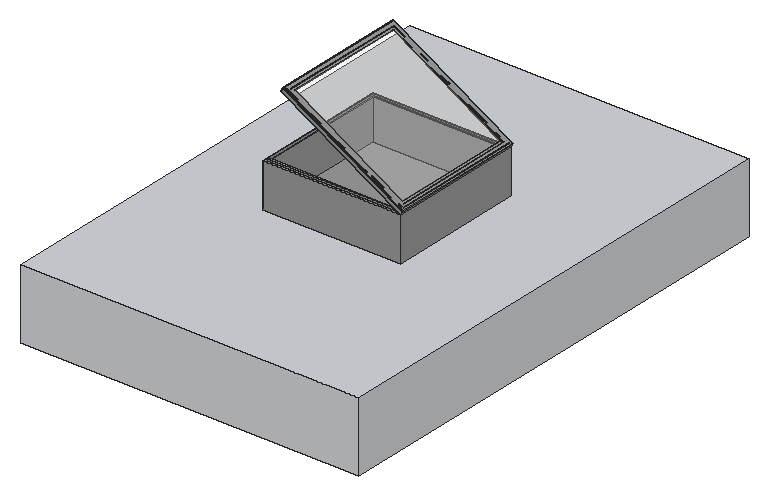
Revit family "Hager-Orion_Inox-IP66-D210-Cl.I-Inox_encl-630A-600mm-CH-it", category Equipement électrique, Revit 2020
Family settings
  Hôte = Face
  Configuration du panneau = Deux colonnes, circuits au sein
  Cote de connecteur circulaire = Utiliser le diamètre
  Type d'élément = Tableau de raccordement
  Couper avec des vides une fois chargée = Non
  Partagée = Non
  Point de calcul de pièce = Non
Parameters (values of type "A parete IP66 L600 A600 P210  - FL028TWL")
  Width Control [instance] = if([EF000008 - Larghezza] > Min Width, [EF000008 - Larghezza], Min Width)  # 600 mm
  Commentaires du type = [HG000003 - Gamma]  # "Orion Inox"
  Thickness Door [instance] = if([EF009171 - spessore materiale porta/coperchio] > 3 mm, 3 mm, [EF009171 - spessore materiale porta/coperchio])  # 1.5 mm
  Seal Frame Offset [instance] = 17 mm  # constant formula
  Model = ""
  Min Width [instance] = 100 mm  # constant formula
  Min Height [instance] = 100 mm  # constant formula
  Min Depth [instance] = (2 * [EF009170 - spessore materiale scatola]) + 1 mm  # 4 mm
  Internal Frame Depth [instance] = (Door System Depth * 0.5)  # 9 mm
  Height Control [instance] = if([EF000040 - Altezza] > Min Height, [EF000040 - Altezza], Min Height)  # 600 mm
  HG000027 - Altezza dello zoccolo = 0 mm
  HG000026 - A pavimento = no
  HG000024 - Altezza della sezione inferiore = 800 mm
  HG000023 - Custodia a doppia sezione = no
  HG000016 - Visibilità delle porte nella vista 3D [instance] = yes
  HG000015 - Visibilità attraverso la porta [instance] = no
  HG000014 - Porta destra [instance] = yes
  HG000013 - Porta sinistra [instance] = not([HG000014 - Porta destra])  # no
  HG000012 - Angolo di apertura della porta [instance] = 30.00°
  HG000010 - Porte asimmetriche = no
  HG000009 - Porta doppia a battente = no
  HG000006 - Ad incasso = no
  HG000004 - Codice produttore = "FL028TWL"
  HG000003 - Gamma = "Orion Inox"
  HG000002 - Con porta = yes
  Frame Offset Bottom [instance] = 10 mm  # constant formula
  Frame Offset [instance] = 15 mm  # constant formula
  EF015940 - Coprire con rilascio di sovrapressione = no
  EF011959 - tipo di protezione (NEMA) = ""
  EF009554 - numero delle aperture per la piastra della flangia = 0
  Fabricant = "Hager"  # constant formula
  EF009212 - esecuzione coperchio = "EV000116 - chiuso"
  EF009171 - spessore materiale porta/coperchio = 1.5 mm
  EF009170 - spessore materiale scatola = 1.5 mm
  EF008873 - corrente nominale (In) = 630 A
  EF007800 - adatto per parafulmine = no
  EF006306 - con serratura = yes
  EF006244 - coperchio/porta trasparente = yes
  EF005474 - grado di protezione (IP) = "EV006422 - IP66"
  EF004464 - tipo di porta = "EV002646 - singolo"
  EF004427 - numero di moduli = 0
  EF004293 - resistenza agli urti = "EV006814 - IK08"
  EF003532 - adatto per uso esterno = yes
  EF002950 - Numero moduli DIN = 0
  EF001613 - Integrità del circuito = "EV000494 - senza"
  EF001596 - Attacco Lampada = "EV000166 - acciaio inossidabile"
  EF001131 - profondità interna = 176 mm
  EF001088 - possibilità di applicazione = yes
  EF000437 - numero di ingressi per conduttori = 0
  EF000339 - tipo di copertura = "EV004216 - porta"
  EF000266 - numero di file = 0
  EF000218 - profondità di incasso = 0 mm
  EF000118 - con piastra di montaggio = no
  EF000116 - numero RAL = ""
  EF000049 - profondità = 210 mm
  EF000040 - Altezza = 600 mm
  EF000008 - Larghezza = 600 mm
  EF000007 - colore = "EV000154 - altri"
  EF000003 - Tipo di montaggio = "EV000384 - A parete"
  Door System Leaf Tolerance [instance] = 1.5 mm  # constant formula
  Door System Depth [instance] = 18 mm  # constant formula
  Depth Control [instance] = if([EF000049 - profondità] > Min Depth, [EF000049 - profondità], Min Depth)  # 210 mm
  Default Elevation = 0 mm
Types (12, lengths in mm): name | Width Control | HG000004 - Codice produttore | EF009212 - esecuzione coperchio | EF006306 - con serratura | EF006244 - coperchio/porta trasparente | EF004293 - resistenza agli urti | EF001613 - Integrità del circuito | EF000008 - Larghezza
  A parete IP66 L400 A600 P210  - FL025BWL | 400 | "FL025BWL" | "EV009916 - con taglio" | no | no | "EV008784 - IK10" | "" | 400
  A parete IP66 L400 A600 P210  - FL025TW | 400 | "FL025TW" | "EV000116 - chiuso" | yes | yes | "EV006814 - IK08" | "EV000494 - senza" | 400
  A parete IP66 L400 A600 P210  - FL025TWL | 400 | "FL025TWL" | "EV000116 - chiuso" | yes | yes | "EV006814 - IK08" | "EV000494 - senza" | 400
  A parete IP66 L500 A600 P210  - FL027BW | 500 | "FL027BW" | "EV000116 - chiuso" | yes | no | "EV008784 - IK10" | "EV000494 - senza" | 500
  A parete IP66 L500 A600 P210  - FL027BWL | 500 | "FL027BWL" | "EV000116 - chiuso" | yes | no | "EV008784 - IK10" | "EV000494 - senza" | 500
  A parete IP66 L500 A600 P210  - FL027TW | 500 | "FL027TW" | "EV000116 - chiuso" | yes | yes | "EV006814 - IK08" | "EV000494 - senza" | 500
  A parete IP66 L500 A600 P210  - FL027TWL | 500 | "FL027TWL" | "EV000116 - chiuso" | yes | yes | "EV006814 - IK08" | "EV000494 - senza" | 500
  A parete IP66 L600 A600 P210  - FL025BW | 600 | "FL025BW" | "EV009916 - con taglio" | no | no | "EV008784 - IK10" | "" | 600
  A parete IP66 L600 A600 P210  - FL028BW | 600 | "FL028BW" | "EV000116 - chiuso" | yes | no | "EV008784 - IK10" | "EV000494 - senza" | 600
  A parete IP66 L600 A600 P210  - FL028BWL | 600 | "FL028BWL" | "EV000116 - chiuso" | yes | no | "EV008784 - IK10" | "EV000494 - senza" | 600
  A parete IP66 L600 A600 P210  - FL028TW | 600 | "FL028TW" | "EV000116 - chiuso" | yes | yes | "EV006814 - IK08" | "EV000494 - senza" | 600
  A parete IP66 L600 A600 P210  - FL028TWL | 600 | "FL028TWL" | "EV000116 - chiuso" | yes | yes | "EV006814 - IK08" | "EV000494 - senza" | 600
Reference planes
  plane 1 "Center (Front/Back)": y = 0
  plane 2: z = 0
  plane 3 "Center (Left/Right)": x = 0
  plane 4: z = 210
  plane 5: y = 1.5
  plane 6: y = 300
  plane 7: y = 0
  plane 8: y = 600
  plane 9: z = 0
  plane 10: x = -285
  plane 11: x = 285
  plane 12: x = 283.5
  plane 13: x = -283.5
  plane 14: y = 598.5
  plane 15: x = -283
  plane 16: x = -300
  plane 17: x = 283
  plane 18: x = 300
  plane 19: x = 298.5
  plane 20: x = -298.5
  plane 21: y = 11.5
  plane 22: y = 600
  plane 23: y = 583.5
  plane 24: z = 192
  plane 25: z = 1.5
  plane 26: z = 190.5
  plane 27: z = 208.5
Forms (mm)
  Extrusion 1, solid
    sketch origin (0, 0, 0) x (1, 0, 0) y (0, 1, 0)
      loop
        line (-702.964, 1305) -> (-702.964, -811.445) -> (766.763, -811.445) -> (766.763, 1305) -> (-702.964, 1305)
    from 0 to -304.8
  Extrusion 2, solid, material "Hager_Stainless_Steel", detail levels medium+fine
    sketch origin (0, 0, 0) x (1, 0, 0) y (0, 1, 0)
      loop
        line (-300, 0) -> (300, 0) -> (300, 600) -> (-300, 600) -> (-300, 0)
    from 0 to 192
  Extrusion 3, solid, material "Hager_Steel_RAL 7035_Light_Grey", not visible, detail levels medium+fine
    sketch origin (0, 28.16, 50.802) x (0, 1, 0) y (0, 0, 1)
      loop
        line (323.34, -50.802) -> (323.34, 147.698)
        arc (323.34, 147.698) -> (320.411, 154.769) -> (313.34, 157.698) r 10
        line (313.34, 157.698) -> (283.34, 157.698) -> (283.34, -50.802) -> (323.34, -50.802)
    from -298.5 to 298.5
  Extrusion 4, void
    sketch origin (0, 0, 0) x (1, 0, 0) y (0, 1, 0)
      loop
        line (-298.5, 1.5) -> (298.5, 1.5) -> (298.5, 598.5) -> (-298.5, 598.5) -> (-298.5, 1.5)
    from 1.5 to 190.5
  Extrusion 5, void
    sketch origin (-381.607, -4572, 192) x (0, -1, 0) y (-1, 0, 0)
      loop
        line (-4583.5, -98.107) -> (-5155.5, -98.107) -> (-5155.5, -665.107) -> (-4583.5, -665.107) -> (-4583.5, -98.107)
    from 0 to 1.5 <- "EF009170 - spessore materiale scatola"
  Extrusion 6, solid, material "Hager_Stainless_Steel", detail levels fine
    sketch origin (-381.607, -4572, 192) x (-1, 0, 0) y (0, -1, 0)
      loop
        line (-98.107, -4583.5) -> (-665.107, -4583.5) -> (-665.107, -5155.5) -> (-98.107, -5155.5) -> (-98.107, -4583.5)
      loop
        line (-97.107, -4582) -> (-666.107, -4582) -> (-666.107, -5157) -> (-97.107, -5157) -> (-97.107, -4582)
    from 0 to 9 <- "Internal Frame Depth"
  Extrusion 7, solid, material "Hager_Stainless_Steel", detail levels coarse
    sketch origin (0, 0, 0) x (1, 0, 0) y (0, 1, 0)
      loop
        line (-300, 0) -> (300, 0) -> (300, 600) -> (-300, 600) -> (-300, 0)
    from 0 to 210
Cuts and joins
  Extrusion 4, Extrusion 5 cuts Extrusion 2
Lines and regions (mm)
  Masking region 1
    outline origin (0, 0, 0) x (1, 0, 0) y (0, 0, 1)
      loop
        line (-300, 210) -> (-300, 0) -> (300, 0) -> (300, 210) -> (-300, 210)
  Masking region 2, detail levels medium+fine
    outline origin (0, 140, 0) x (0, 1, 0) y (0, 0, 1)
      loop
        line (-140, 0) -> (460, 0) -> (460, 192) -> (-140, 192) -> (-140, 0)
  Masking region 3, not visible, detail levels medium+fine
    outline origin (0, 297.922, 0) x (0, 1, 0) y (0, 0, 1)
      loop
        line (13.578, 0) -> (53.578, 0) -> (53.578, 198.5)
        arc (53.578, 198.5) -> (50.649, 205.571) -> (43.578, 208.5) r 10
        line (43.578, 208.5) -> (13.578, 208.5) -> (13.578, 0)
  Masking region 4, detail levels coarse
    outline origin (0, 0, 180) x (0, 1, 0) y (0, 0, 1)
      loop
        line (0, -180) -> (600, -180) -> (600, 30) -> (0, 30) -> (0, -180)
  Masking region 5
    outline origin (-381.607, -4572, 192) x (-1, 0, 0) y (0, -1, 0)
      loop
        line (-81.607, -5172) -> (-81.607, -4572) -> (-681.607, -4572) -> (-681.607, -5172) -> (-81.607, -5172)
Dimensions and locks
  "Depth Control": plane 4 to Extrusion 1
  "EF009170 - spessore materiale scatola": plane 5 to plane 7
  locked: connector elem to plane 3 "Center (Left/Right)"
  equal spacing: plane 8, plane 6, plane 7
  locked: connector elem to plane 6
  "EF009170 - spessore materiale scatola": plane 8 to plane 14
  "EF009170 - spessore materiale scatola": plane 10 to plane 13
  "EF009170 - spessore materiale scatola": plane 12 to plane 11
  "Frame Offset": plane 20 to plane 13
  "Frame Offset": plane 12 to plane 19
  "EF009170 - spessore materiale scatola": plane 16 to plane 20
  "EF009170 - spessore materiale scatola": plane 19 to plane 18
  "Seal Frame Offset": plane 16 to plane 15
  "Seal Frame Offset": plane 17 to plane 18
  "Frame Offset Bottom": plane 21 to plane 5
  "Frame Offset": plane 14 to plane 23
  equal spacing: plane 16, plane 3 "Center (Left/Right)", plane 18
  "Width Control": plane 16 to plane 18
  "EF009170 - spessore materiale scatola": plane 4 to plane 27
  "EF009170 - spessore materiale scatola": plane 24 to plane 26
  "EF009170 - spessore materiale scatola": plane 25 to level
  "Door System Depth": plane 4 to plane 24
  "Height Control": plane 1 "Center (Front/Back)" to Extrusion 7 sketch curve
  "Height Control": Masking region 4 sketch curve to plane 1 "Center (Front/Back)"
  "Thickness Door": Extrusion 6 sketch curve to plane 15
  "Thickness Door": plane 21 to Extrusion 6 sketch curve
  "Thickness Door": plane 17 to Extrusion 6 sketch curve
  "Thickness Door": Extrusion 6 sketch curve to plane 23
  "Height Control": plane 1 "Center (Front/Back)" to plane 22
  radius of Masking region 3 sketch curve = 10 mm
  radius of Extrusion 3 sketch curve = 10 mm
  aligned and locked: plane 2 to Extrusion 1
  aligned and locked: level to Extrusion 1
  aligned and locked: level to Masking region 1 sketch curve
  aligned and locked: Masking region 1 sketch curve to plane 18
  aligned and locked: Masking region 1 sketch curve to plane 16
  aligned and locked: plane 7 to Masking region 2 sketch curve
  aligned and locked: level to Masking region 3 sketch curve
  aligned and locked: Masking region 3 sketch curve to plane 27
  aligned and locked: level to Masking region 2 sketch curve
  aligned and locked: Extrusion 2 sketch curve to plane 7
  aligned and locked: plane 16 to Extrusion 2 sketch curve
  aligned and locked: plane 18 to Extrusion 2 sketch curve
  aligned and locked: Extrusion 3 sketch curve to level
  aligned and locked: plane 27 to Extrusion 3 sketch curve
  aligned and locked: plane 20 to Extrusion 3
  aligned and locked: plane 19 to Extrusion 3
  aligned and locked: plane 20 to Extrusion 4 sketch curve
  aligned and locked: plane 19 to Extrusion 4 sketch curve
  aligned and locked: Extrusion 4 sketch curve to plane 5
  aligned and locked: Extrusion 4 to plane 25
  aligned and locked: plane 26 to Extrusion 4
  aligned and locked: plane 24 to Extrusion 2
  aligned and locked: Extrusion 5 sketch curve to plane 21
  aligned and locked: Extrusion 5 sketch curve to plane 13
  aligned and locked: Extrusion 5 sketch curve to plane 12
  aligned and locked: plane 18 to Extrusion 7 sketch curve
  aligned and locked: plane 1 "Center (Front/Back)" to Extrusion 7 sketch curve
  aligned and locked: plane 16 to Extrusion 7 sketch curve
  aligned and locked: plane 4 to Extrusion 7
  aligned and locked: Extrusion 7 to level
  aligned and locked: level to Masking region 4 sketch curve
  aligned and locked: Masking region 4 sketch curve to plane 1 "Center (Front/Back)"
  aligned and locked: Masking region 4 sketch curve to plane 4
  aligned and locked: nested 1 to level
  aligned and locked: nested 1 to plane 16
  aligned and locked: plane 8 to Extrusion 2 sketch curve
  aligned and locked: plane 23 to Extrusion 5 sketch curve
  aligned and locked: plane 14 to Extrusion 4 sketch curve
  aligned and locked: Extrusion 6 sketch curve to plane 21
  aligned and locked: plane 13 to Extrusion 6 sketch curve
  aligned and locked: plane 23 to Extrusion 6 sketch curve
  aligned and locked: plane 12 to Extrusion 6 sketch curve
  aligned and locked: Masking region 2 sketch curve to plane 8
  aligned and locked: Masking region 2 sketch curve to plane 24
  aligned and locked: nested 2 to plane 3 "Center (Left/Right)"
  aligned and locked: nested 2 to plane 24
  aligned and locked: Masking region 5 sketch curve to plane 1 "Center (Front/Back)"
  aligned and locked: Masking region 5 sketch curve to plane 18
  aligned and locked: Masking region 5 sketch curve to plane 22
  aligned and locked: Masking region 5 sketch curve to plane 16
  aligned and locked: plane 8 to plane 22
  aligned and locked: plane 7 to plane 1 "Center (Front/Back)"
  aligned and locked: nested 2 to plane 1 "Center (Front/Back)"
Automatic sketch dimensions
  Extrusion 1 sketch curve to Extrusion 1 sketch curve = 1469.727 mm
  Extrusion 1 sketch curve to Extrusion 1 sketch curve = 2116.445 mm
  plane 6 to Masking region 3 sketch curve = 11.5 mm
  Masking region 3 sketch curve to Masking region 3 sketch curve = 30 mm
  plane 6 to Extrusion 3 sketch curve = 11.5 mm
  Extrusion 3 sketch curve to Extrusion 3 sketch curve = 30 mm
  Masking region 1 sketch curve to plane 4 = 0 mm
Nested families
  nested 1: "Hager_Enclosure_Symbol" at (-300, 0, 0) x (1, 0, 0) z (0, -1, 0), Height <- "Depth Control", Width <- "Width Control", type "Hager_Enclosure_Symbol"
    with Width_Ctrl 600 mm, Width 600 mm, Height_Ctrl 210 mm, Height 210 mm, A_Width_Int 13.781 mm, A_Width 165.375 mm, A_Height_Ctrl 183.75 mm, A_Height 183.75 mm
  nested 2: "EC000058_OrionInox_Door" at (0, 600, 192) x (1, 0, 0) z (0, -1, 0), Leaf_Tolerance <- "Door System Leaf Tolerance", Angle <- "HG000012 - Angolo di apertura della porta", Door_Depth <- "Door System Depth", Door_Left <- "HG000013 - Porta sinistra", Transparent <- "EF006244 - coperchio/porta trasparente", Assymetrical <- "HG000010 - Porte asimmetriche", Width <- "Width Control", Clearance <- "HG000015 - Visibilità attraverso la porta", Double <- "HG000009 - Porta doppia a battente", 3d_Door <- "HG000016 - Visibilità delle porte nella vista 3D", Width_Ctrl <- "Width Control", Door_Right <- "HG000014 - Porta destra", Door <- "HG000002 - Con porta", Height <- "Height Control", Thickness <- "Thickness Door", type "EC000058_OrionInox_Door", detail levels medium+fine
    with min_wh 4 mm, Width_Ctrl 600 mm, Width 600 mm, Transparent yes, Thickness 1.5 mm, Seal_Material Hager_Rubber, Leaf_Width 600 mm, Leaf_Tolerance_External_Sides 0 mm, Leaf_Tolerance 1.5 mm, Leaf_Offset 0 mm, Leaf_Height 597 mm, Leaf_2_Width 600 mm, Leaf_2_Offset 300 mm, Leaf_1_Width 600 mm, Leaf_1_Offset 300 mm, Height_Ctrl 600 mm, Height 600 mm, Glass_Material Hager_Glass, Double_Clearance_Ctrl no, Double no, Door_Right_Ctrl yes, Door_Right yes, Door_Material Hager_Stainless_Steel, Door_Left_Ctrl no, Door_Left no, Door_Depth 18 mm, Door yes, Clearance_Material Hager_Clearance, Clearance_Depth 600 mm, Clearance_Ctrl no, Clearance no, Assymetrical no, Angle 30.00°, 3d_Door yes
Connectors
  electrical at (0, 300, 0)
    settings: on plane 9, index 1, voltage 0 V, apparent load 0 VA, apparent load phase1 0 VA, apparent load phase2 0 VA, apparent load phase3 0 VA, power factor 1, load classification "Other", number of poles 1, system type 30, power factor state 1, is connector primary yes, connector utility no, sub classification motor no, connector description ""
Definition of nested family "EC000058_OrionInox_Door"
  Parameters (values of type "EC000058_OrionInox_Door")
    min_wh [instance] = (2 * Thickness) + 1 mm  # 11 mm
    Width_Ctrl [instance] = 400 mm
    Width [instance] = 500 mm
    Transparent [instance] = yes
    Thickness [instance] = 5 mm
    Seal_Material [instance] = none
    Leaf_Width [instance] = if((Width_Ctrl - 2 * Leaf_Tolerance_External_Sides) > 0 mm, (Width_Ctrl - 2 * Leaf_Tolerance_External_Sides), min_wh)  # 400 mm
    Leaf_Tolerance_External_Sides [instance] = 0 mm  # constant formula
    Leaf_Tolerance [instance] = 1.5 mm
    Leaf_Offset [instance] = 0 mm  # constant formula
    Leaf_Height [instance] = if((Height_Ctrl - 2 * Leaf_Tolerance) > 0 mm, (Height_Ctrl - 2 * Leaf_Tolerance), min_wh)  # 497 mm
    Leaf_2_Width [instance] = if(and(and(Double, Assymetrical), Door_Left), (Leaf_Width / 3) - (Leaf_Tolerance / 2), if(and(and(Double, Assymetrical), Door_Right), (Leaf_Width / 3) * 2 - (Leaf_Tolerance / 2), if(and(Double, not(Assymetrical)), (Leaf_Width / 2) - Leaf_Tolerance, Leaf_Width)))  # 400 mm
    Leaf_2_Offset [instance] = if(and(Double, Assymetrical), Leaf_2_Width / 2, if(and(Double, not(Assymetrical)), Leaf_Width / 4, Leaf_Width / 2))  # 200 mm
    Leaf_1_Width [instance] = if(and(and(Double, Assymetrical), Door_Right), (Leaf_Width / 3) - (Leaf_Tolerance / 2), if(and(and(Double, Assymetrical), Door_Left), (Width / 3) * 2 - (Leaf_Tolerance / 2), if(and(Double, not(Assymetrical)), (Leaf_Width / 2) - Leaf_Tolerance, Leaf_Width)))  # 400 mm
    Leaf_1_Offset [instance] = if(and(Double, Assymetrical), Leaf_1_Width / 2, if(and(Double, not(Assymetrical)), Leaf_Width / 4, Leaf_Width / 2))  # 200 mm
    Height_Ctrl [instance] = if(Height > min_wh, Height, min_wh)  # 500 mm
    Height [instance] = 500 mm
    Glass_Material [instance] = none
    Double_Clearance_Ctrl [instance] = and(Double, Clearance)  # no
    Double [instance] = no
    Door_Right_Ctrl [instance] = and(or(Door_Right, Double), Door)  # yes
    Door_Right [instance] = yes
    Door_Material [instance] = none
    Door_Left_Ctrl [instance] = and(or(Door_Left, Double), Door)  # no
    Door_Left [instance] = no
    Door_Depth [instance] = 30 mm
    Door [instance] = yes
    Default Elevation = 1219.2 mm
    Clearance_Material [instance] = none
    Clearance_Depth [instance] = if(Leaf_1_Width > Leaf_2_Width, Leaf_1_Width, Leaf_2_Width)  # 400 mm
    Clearance_Ctrl [instance] = and(not(Double), Clearance)  # yes
    Clearance [instance] = yes
    Assymetrical [instance] = yes
    Angle [instance] = 30.00°
    3d_Door [instance] = yes
  Reference planes
    plane 1 "Center (Front/Back)": y = 0
    plane 2 "Bottom": z = 0
    plane 3 "Center (Left/Right)": x = 0
    plane 4: z = 500
    plane 5: x = -200
    plane 6: x = 200
    plane 7: z = 500
    plane 8: x = -200
    plane 9: z = 0
    plane 10: x = 200
    plane 11: y = 0
    plane 12: z = 1.5
    plane 13: x = -600
    plane 14: y = -400
    plane 15: x = 600
    plane 16: x = 0
    plane 17: x = 0
    plane 18: x = -200
    plane 19: x = 200
    plane 20: z = 498.5
  Forms (mm)
    Extrusion 1, solid, material <- "Clearance_Material", visible <- "Double_Clearance_Ctrl"
      sketch origin (1200, 0, 0) x (1, 0, 0) y (0, 0, -1)
        loop
          line (-1800, -498.5) -> (-600, -498.5) -> (-600, 0) -> (-1800, 0) -> (-1800, -498.5)
      from 0 to -400
  Dimensions and locks
    equal spacing: plane 5, plane 3 "Center (Left/Right)", plane 6
    "Width_Ctrl": plane 5 to plane 6
    "Leaf_Offset": plane 5 to plane 8
    "Leaf_Offset": plane 6 to plane 10
    "Leaf_Offset": plane 9 to level
    "Leaf_Offset": plane 4 to plane 7
    "Height_Ctrl": plane 4 to level
    "Leaf_Tolerance": plane 12 to plane 9
    locked: plane 11 to plane 1 "Center (Front/Back)"
    "Leaf_1_Offset": plane 18 to plane 16
    "Leaf_2_Offset": plane 17 to plane 19
    "Leaf_1_Width": plane 13 to plane 8
    "Leaf_2_Width": plane 10 to plane 15
    "Clearance_Depth": plane 14 to plane 1 "Center (Front/Back)"
    "Leaf_Tolerance_External_Sides": plane 8 to plane 18
    "Leaf_Tolerance_External_Sides": plane 19 to plane 10
    "Leaf_Tolerance": plane 7 to plane 20
    aligned and locked: level to plane 2 "Bottom"
    aligned and locked: nested 1 to plane 16
    aligned and locked: nested 2 to plane 17
    aligned and locked: Extrusion 1 to plane 13
    aligned and locked: plane 15 to Extrusion 1
    aligned and locked: Extrusion 1 to plane 14
    aligned and locked: plane 12 to nested 1
    aligned and locked: nested 2 to plane 12
    aligned and locked: Extrusion 1 to plane 11
    aligned and locked: plane 20 to Extrusion 1
    aligned and locked: nested 2 to plane 11
    aligned and locked: nested 1 to plane 11
  Automatic sketch dimensions
    Extrusion 1 sketch curve to level = 0 mm
    plane 5 to Extrusion 1 sketch curve = 400 mm
    plane 6 to Extrusion 1 sketch curve = 400 mm
    Extrusion 1 sketch curve to plane 4 = 1.5 mm
  Nested families
    nested 1: "EC000058_OrionInox_Door_Leaf" at (0, 0, 1.5), Width <- "Leaf_1_Width", visible <- "Door_Left_Ctrl", Leaf_Height <- "Leaf_Height", Angle <- "Angle", 3d_Door <- "3d_Door", Transparent <- "Transparent", Clearance Material <- "Clearance_Material", Clearance <- "Clearance_Ctrl", Door_Material <- "Door_Material", Glass_Material <- "Glass_Material", Door_Depth <- "Door_Depth", Seal_Material <- "Seal_Material", Thickness <- "Thickness", type "EC000058_OrionInox_Door_Leaf"
      with Width 400 mm, Transparent_Ctrl yes, Transparent yes, Thickness 5 mm, Standard no, Seal_Material none, Seal_D2 8 mm, Seal_D1 1 mm, Offset_Internal_Frame 10 mm, Lock_Width 28 mm, Lock_Thickness 2 mm, Lock_Radius 6 mm, Leaf_Height 497 mm, Internal_Seal_Thickness 8 mm, Internal_Seal_Depth_2 4.5 mm, Internal_Frame_Depth 25 mm, Glass_Thickness -1 mm, Glass_Offset -2 mm, Glass_Material none, Door_Material none, Door_Depth 30 mm, Clearance Material none, Clearance yes, Angle_Ctrl 30.00°, Angle 30.00°, 3d_Door yes
    nested 2: "EC000058_OrionInox_Door_Leaf" at (0, 0, 1.5) x (-1, 0, 0) z (0, 0, 1), Width <- "Leaf_2_Width", visible <- "Door_Right_Ctrl", Leaf_Height <- "Leaf_Height", Angle <- "Angle", 3d_Door <- "3d_Door", Transparent <- "Transparent", Clearance Material <- "Clearance_Material", Clearance <- "Clearance_Ctrl", Door_Material <- "Door_Material", Glass_Material <- "Glass_Material", Door_Depth <- "Door_Depth", Seal_Material <- "Seal_Material", Thickness <- "Thickness", type "EC000058_OrionInox_Door_Leaf"
      with Width 400 mm, Transparent_Ctrl yes, Transparent yes, Thickness 5 mm, Standard no, Seal_Material none, Seal_D2 8 mm, Seal_D1 1 mm, Offset_Internal_Frame 10 mm, Lock_Width 28 mm, Lock_Thickness 2 mm, Lock_Radius 6 mm, Leaf_Height 497 mm, Internal_Seal_Thickness 8 mm, Internal_Seal_Depth_2 4.5 mm, Internal_Frame_Depth 25 mm, Glass_Thickness -1 mm, Glass_Offset -2 mm, Glass_Material none, Door_Material none, Door_Depth 30 mm, Clearance Material none, Clearance yes, Angle_Ctrl 30.00°, Angle 30.00°, 3d_Door yes
  Definition of nested family "EC000058_OrionInox_Door_Leaf"
    Parameters (values of type "EC000058_OrionInox_Door_Leaf")
      Width [instance] = 450 mm
      Transparent_Ctrl [instance] = and(Transparent, [3d_Door])  # yes
      Transparent [instance] = yes
      Thickness [instance] = 5 mm
      Standard [instance] = and(not(Transparent), [3d_Door])  # no
      Seal_Material [instance] = none
      Seal_D2 [instance] = 8 mm  # constant formula
      Seal_D1 [instance] = 1 mm  # constant formula
      Offset_Internal_Frame [instance] = 10 mm  # constant formula
      Lock_Width [instance] = Door_Depth - Lock_Thickness  # 28 mm
      Lock_Thickness [instance] = 2 mm  # constant formula
      Lock_Radius [instance] = 6 mm  # constant formula
      Leaf_Height [instance] = 450 mm
      Internal_Seal_Thickness [instance] = 8 mm  # constant formula
      Internal_Seal_Depth_2 [instance] = 4.5 mm  # constant formula
      Internal_Frame_Depth [instance] = if(Door_Depth - Thickness > 5 mm, Door_Depth - Thickness, 5 mm)  # 25 mm
      Glass_Thickness [instance] = if(Thickness > 15 mm, Glass_Offset + 10 mm, -1 mm)  # -1 mm
      Glass_Offset [instance] = if(Thickness > 15 mm, -(Thickness + 10 mm) / 2, -2 mm)  # -2 mm
      Glass_Material [instance] = none
      Door_Material [instance] = none
      Door_Depth [instance] = 30 mm
      Default Elevation = 0 mm
      Clearance Material [instance] = none
      Clearance [instance] = yes
      Angle_Ctrl [instance] = if(Angle > 180.00°, 180.00°, Angle)  # 90.00°
      Angle [instance] = 90.00°
      3d_Door [instance] = yes
    Reference planes
      plane 1 "Center (Front/Back)": y = 0
      plane 2: z = 0
      plane 3 "Center (Left/Right)": x = 0
      plane 4: y = 450
      plane 5: x = -225
      plane 6: x = 225
      plane 7: x = -675
      plane 8: z = 450
      plane 9: z = 30
      plane 10: z = 420
      plane 11: x = 195
      plane 12: x = -195
      plane 13: y = -3
      plane 14: z = 107.833
      plane 15: y = -5
      plane 16: y = -223.314
      plane 17: x = -225
      plane 18: y = 30
    Forms (mm)
      Extrusion 1, solid, material <- "Clearance Material", visible <- "Clearance"
        sketch origin (0, 0, 0) x (1, 0, 0) y (0, 0, 1)
          loop
            line (-675, 450) -> (-675, 0) -> (225, 0) -> (225, 450) -> (-675, 450)
        from 0 to -450
      Extrusion 2, solid, material <- "Door_Material", visible <- "Standard", detail levels medium+fine
        sketch origin (-225, 0, 0) x (0, 1, 0) y (-1, 0, 0)
          loop
            line (0, 30) -> (0, 25) -> (450, 25) -> (450, 30) -> (0, 30)
        from 0 to 450 <- "Leaf_Height"
      Extrusion 3, solid, material <- "Door_Material", visible <- "Transparent_Ctrl", detail levels medium+fine
        sketch origin (-225, 0, 0) x (0, 1, 0) y (-1, 0, 0)
          loop
            line (0, 25) -> (450, 25) -> (450, 30) -> (0, 30) -> (0, 25)
        from 0 to 450 <- "Leaf_Height"
      Extrusion 4, void
        sketch origin (-250, 450, 0) x (0, 1, 0) y (0, 0, -1)
          loop
            line (-30, -420) -> (-30, -30) -> (-420, -30) -> (-420, -420) -> (-30, -420)
        from 0 to 5 <- "Thickness"
      Sweep 5, solid, material <- "Seal_Material", visible <- "Transparent_Ctrl", detail levels fine
        path in 3D
          loop
            line (-250, 30, 30) -> (-250, 30, 420) -> (-250, 420, 420) -> (-250, 420, 30) -> (-250, 30, 30)
        profile origin (-250, 225, 30) x (1, 0, 0) y (0, 0, 1)
          loop
            line (0, 0) -> (0, -8) -> (1, -8) -> (1, 0) -> (0, 0)
      Extrusion 6, solid, material <- "Glass_Material", visible <- "Transparent_Ctrl", detail levels medium+fine
        sketch origin (-255, 0, 0) x (0, 1, 0) y (0, 0, -1)
          loop
            line (420, -420) -> (420, -30) -> (30, -30) -> (30, -420) -> (420, -420)
        from -2 <- "Glass_Offset" to -1 <- "Glass_Thickness"
      Extrusion 7, solid, material <- "Door_Material", visible <- "3d_Door", detail levels medium+fine
        sketch origin (-250, 450, 0) x (0, -1, 0) y (0, 0, -1)
          loop
            line (0, -450) -> (450, -450) -> (450, 0) -> (0, 0) -> (0, -450)
          loop
            line (445, -5) -> (5, -5) -> (5, -445) -> (445, -445) -> (445, -5)
        from 0 to 25 <- "Internal_Frame_Depth"
      Sweep 8, solid, material <- "Seal_Material", visible <- "Transparent_Ctrl", detail levels fine
        path in 3D
          loop
            line (-250, 0, 0) -> (-250, 450, 0) -> (-250, 450, 450) -> (-250, 0, 450) -> (-250, 0, 0)
        profile origin (-250, 0, 225) x (1, 0, 0) y (0, 1, 0)
          loop
            line (0, 10) -> (2.975, 10)
            arc (2.975, 10) -> (4.053, 10.447) -> (4.5, 11.525) r 1.525
            line (4.5, 11.525) -> (4.5, 16.527)
            arc (4.5, 16.527) -> (4.069, 17.569) -> (3.027, 18) r 1.473
            line (3.027, 18) -> (0, 18) -> (0, 10)
    Cuts and joins
      Extrusion 4 cuts Extrusion 3
    Lines and regions (mm)
      Masking region 1, detail levels medium+fine
        outline origin (0, 0, 0) x (0, 1, 0) y (0, 0, 1)
          loop
            line (0, 0) -> (30, 0) -> (30, 450) -> (0, 450) -> (0, 0)
      Masking region 2, detail levels medium+fine
        outline origin (0, 0, 0) x (1, 0, 0) y (0, 0, 1)
          loop
            line (-225, 450) -> (-225, 0) -> (225, 0) -> (225, 450) -> (-225, 450)
      symbolic lines
        curve 1: line (225, 0, 0) -> (-675, 0, 0)
        curve 2: arc (225, 0, 0) -> (-225, 450, 0) -> (-675, 0, 0) r 450
        curve 4: line (-255, 0, 0) -> (-255, 450, 0)
      reference lines
        curve 3: line (-225, 0, 0) -> (-225, 450, 0)
      symbolic lines, detail levels medium+fine
        curve 5: line (-255, 450, 0) -> (-250, 450, 0)
        curve 7: line (-250, 0, 0) -> (-255, 0, 0)
        curve 8: line (-250, 0, 0) -> (-225, 0, 0)
        curve 9: line (-225, 0, 0) -> (-225, 450, 0)
        curve 10: line (-225, 450, 0) -> (-250, 450, 0)
      symbolic lines, detail levels fine
        curve 6: line (-250, 450, 0) -> (-250, 0, 0)
      sketch lines
        curve 11: line (-250, 0, 450) -> (-250, 0, 0)
        curve 12: line (-250, 450, 0) -> (-250, 0, 0)
        curve 13: line (-250, 450, 450) -> (-250, 450, 0)
        curve 14: line (-250, 0, 450) -> (-250, 450, 450)
        curve 15: line (-250, 420, 30) -> (-250, 30, 30)
        curve 16: line (-250, 30, 30) -> (-250, 30, 420)
        curve 17: line (-250, 420, 420) -> (-250, 420, 30)
        curve 18: line (-250, 30, 420) -> (-250, 420, 420)
      symbolic lines, visible <- "Transparent", detail levels medium+fine
        curve 19: line (-195, 0, 420) -> (195, 0, 420)
        curve 20: line (-195, 0, 30) -> (-195, 0, 420)
        curve 21: line (195, 0, 30) -> (-195, 0, 30)
        curve 22: line (195, 0, 420) -> (195, 0, 30)
    Dimensions and locks
      "Width": plane 1 "Center (Front/Back)" to plane 4
      equal spacing: plane 5, plane 3 "Center (Left/Right)", plane 6
      "Width": plane 5 to plane 6
      "Width": plane 7 to plane 5
      "Leaf_Height": plane 8 to level
      "Width": curve 5 to curve 3
      "Width": curve 3 to curve 3
      plane 8 to plane 10 = 30 mm
      plane 9 to level = 30 mm
      plane 12 to plane 5 = 30 mm
      plane 6 to plane 11 = 30 mm
      Extrusion 4 sketch curve to Extrusion 3 = 30 mm
      Extrusion 3 to Extrusion 4 sketch curve = 30 mm
      Extrusion 1 to Extrusion 4 sketch curve = 30 mm
      curve 3 to Extrusion 4 sketch curve = 30 mm
      Extrusion 4 sketch curve to cut or joined group of Extrusion 3, Extrusion 4 = 30 mm
      cut or joined group of Extrusion 3, Extrusion 4 to Extrusion 6 sketch curve = 30 mm
      cut or joined group of Extrusion 3, Extrusion 4 to Extrusion 4 sketch curve = 30 mm
      "Thickness": curve 6 to curve 4
      "Thickness": Extrusion 7 sketch curve to Extrusion 7 sketch curve  (x4)
      "Door_Depth": curve 4 to curve 3
      "Offset_Internal_Frame": profile plane to Sweep 8 sketch curve
      "Internal_Seal_Thickness": Sweep 8 sketch curve to Sweep 8 sketch curve
      "Internal_Seal_Depth_2": profile plane to Sweep 8 sketch curve
      "Seal_D1": profile plane to Sweep 5 sketch curve
      "Seal_D2": profile plane to Sweep 5 sketch curve
      "Thickness": Extrusion 2 sketch curve to Extrusion 2 sketch curve
      "Door_Depth": plane 18 to plane 1 "Center (Front/Back)"
      radius of Sweep 8 sketch curve = 1.525 mm
      radius of Sweep 8 sketch curve = 1.473 mm
      "Angle_Ctrl": angle plane 1 "Center (Front/Back)" to curve 3
      aligned and locked: level to plane 2
      aligned and locked: Extrusion 1 to curve 1
      aligned and locked: plane 6 to Extrusion 1
      aligned and locked: plane 1 "Center (Front/Back)" to Extrusion 1
      aligned and locked: plane 4 to Extrusion 1
      aligned and locked: plane 8 to Extrusion 1
      aligned and locked: curve 7 to Extrusion 2 sketch curve
      aligned and locked: curve 5 to Extrusion 2 sketch curve
      aligned and locked: curve 7 to Extrusion 3 sketch curve
      aligned and locked: Extrusion 3 sketch curve to curve 4
      aligned and locked: Extrusion 3 sketch curve to curve 6
      aligned and locked: Extrusion 3 sketch curve to curve 5
      aligned and locked: curve 9 to curve 3
      aligned and locked: Extrusion 7 sketch curve to cut or joined group of Extrusion 3, Extrusion 4  (x4)
      aligned and locked: plane 17 to curve 3
      aligned and locked: plane 1 "Center (Front/Back)" to curve 3
      aligned and locked: plane 17 to plane 5
      aligned and locked: Sweep 8 sketch curve to profile plane
      aligned and locked: Sweep 5 sketch curve to profile plane  (x2)
      aligned and locked: plane 1 "Center (Front/Back)" to Masking region 1 sketch curve
      aligned and locked: plane 18 to Masking region 1 sketch curve
      aligned and locked: level to Masking region 1 sketch curve
      aligned and locked: Masking region 1 sketch curve to plane 8
      aligned and locked: plane 17 to Masking region 2 sketch curve
      aligned and locked: level to Masking region 2 sketch curve
      aligned and locked: Masking region 2 sketch curve to plane 8
      aligned and locked: plane 12 to curve 20
      aligned and locked: plane 10 to curve 19
      aligned and locked: plane 11 to curve 22
      aligned and locked: plane 9 to curve 21
      aligned and locked: Extrusion 2 sketch curve to cut or joined group of Extrusion 3, Extrusion 4
    Automatic sketch dimensions
      plane 1 "Center (Front/Back)" to curve 2 = 0 mm
      curve 2 to plane 5 = 0 mm
      Extrusion 1 sketch curve to level = 0 mm
      Extrusion 1 sketch curve to plane 7 = 0 mm
      Extrusion 1 sketch curve to plane 6 = 0 mm
      Extrusion 1 sketch curve to plane 8 = 0 mm
      Extrusion 3 to Extrusion 6 sketch curve = 30 mm  (x4)
      Masking region 2 sketch curve to plane 6 = 0 mm
      curve 4 to curve 3 = 0 mm
Definition of nested family "Hager_Enclosure_Symbol"
  Parameters (values of type "Hager_Enclosure_Symbol")
    Width_Ctrl [instance] = if(Width > 1 mm, Width, 1 mm)  # 102.27 mm
    Width [instance] = 102.27 mm
    Height_Ctrl [instance] = if(Height > 1 mm, Height, 1 mm)  # 66.5 mm
    A_Width_Int [instance] = if(A_Width / 12 > 2 mm, A_Width / 12, 2 mm)  # 4.364 mm
    A_Width [instance] = if(A_Height_Ctrl * 0.9 > 2 mm, A_Height_Ctrl * 0.9, 2 mm)  # 52.369 mm
    A_Height_Ctrl [instance] = if(A_Height > 2 mm, A_Height, 2 mm)  # 58.188 mm
    Height [instance] = 66.5 mm
    A_Height [instance] = Height - (Height / 8)  # 58.188 mm
  Reference planes
    plane 1 "Centre (avant/arrière)": y = 0
    plane 2: z = 0
    plane 3 "Centre (gauche/droite)": x = 0
    plane 4: x = 52.369
    plane 5: y = 33.042
    plane 6: y = 41.77
    plane 7: y = 66.5
    plane 8: x = 26.184
    plane 9: y = 37.406
    plane 10: x = 102.27
    plane 11: y = 66.5
    plane 12: y = 8.313
  Lines and regions (mm)
    Filled region 1, type "Solid_Black", in view "Niveau de réf."
      outline origin (0, 0, 0) x (1, 0, 0) y (0, 1, 0)
        loop
          line (52.369, 66.5) -> (33.188, 54.536) -> (45.365, 45.006) -> (52.369, 66.5)
    Filled region 2, type "Solid_Black", in view "Niveau de réf."
      outline origin (0, 0, 0) x (1, 0, 0) y (0, 1, 0)
        loop
          line (0, 0) -> (102.27, 0) -> (102.27, 66.5) -> (0, 0)
    detail lines, in view "Niveau de réf."
      curve 1: line (0, 8.313, 0) -> (26.184, 41.77, 0)
      curve 2: line (26.184, 41.77, 0) -> (26.184, 33.042, 0)
      curve 3: line (26.184, 33.042, 0) -> (52.369, 66.5, 0)
  Dimensions and locks
    "A_Width": plane 3 "Centre (gauche/droite)" to plane 4
    equal spacing: plane 3 "Centre (gauche/droite)", plane 8, plane 4
    equal spacing: plane 6, plane 9, plane 5
    equal spacing: curve 3, Filled region 1 sketch curve, Filled region 1 sketch curve
    "Height_Ctrl": plane 1 "Centre (avant/arrière)" to plane 11
    "A_Height_Ctrl": plane 11 to plane 12
    equal spacing: plane 11, plane 9, plane 12
    "A_Width_Int": plane 6 to plane 9
    "Width_Ctrl": plane 3 "Centre (gauche/droite)" to plane 10
    angle Filled region 1 sketch curve to curve 3 = 20.00°
    angle curve 3 to Filled region 1 sketch curve = 20.00°
    locked: curve 3 to Filled region 1 sketch curve (angle 90.00°)
    aligned and locked: plane 10 to Filled region 2
    aligned and locked: plane 11 to Filled region 2 sketch curve
    aligned and locked: plane 10 to Filled region 2 sketch curve
    aligned and locked: plane 3 "Centre (gauche/droite)" to curve 1
    aligned and locked: plane 12 to curve 1
    aligned and locked: plane 7 to plane 11
  Automatic sketch dimensions
    Filled region 1 sketch curve to plane 4 = 0 mm
    Filled region 1 sketch curve to plane 7 = 0 mm
    plane 1 "Centre (avant/arrière)" to Filled region 2 sketch curve = 0 mm
    Filled region 2 sketch curve to plane 3 "Centre (gauche/droite)" = 0 mm
    curve 2 to plane 6 = 0 mm
    curve 2 to plane 8 = 0 mm
    curve 3 to plane 4 = 0 mm
    curve 2 to plane 5 = 0 mm
    curve 3 to plane 7 = 0 mm
